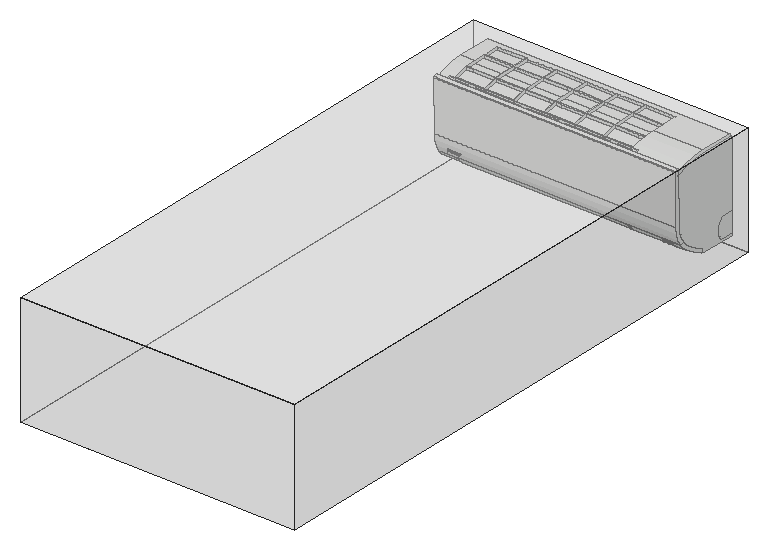
Revit family "outputfile", category 機械設備, Revit 2024
Family settings
  丸型コネクタ寸法 = 半径を使用
  パーツ タイプ = 標準
  OmniClass 番号 = 23.75.10.24.21.27.27
  OmniClass タイトル = Split System Air Conditioning Units
  作業面ベース = いいえ
  常に垂直 = はい
  ロード時にボイドで切り取り = いいえ
  注釈の向きを維持 = いいえ
  共有 = いいえ
  部屋計算ポイント = いいえ
Parameters (values of type "FTKF25AV14")
  Description = ""
  書き出し IFC クラス(タイプ) = "IfcUnitaryEquipmentType"
  定義済み IFC タイプ(タイプ) = "AIRCONDITIONINGUNIT"
  Cost = 0
  Type Comments = ""
  Keynote = ""
  Type Image = (empty or 0)
  Assembly Code = ""
  switch_frequency = yes
  lw_connection [instance] = if(Width = 730.0 mm, 85.0 mm, if(Width = 770.0 mm, 48.0 mm, 60.0 mm))  # 85.0 mm
  製造元 = "Daikin"
  モデル = "FTKF25AV14"
  r_Liquid Pipe Size = Liquid Pipe Size / 2  # 3.2 mm
  r_Gas Pipe Size = Gas Pipe Size / 2  # 4.75 mm
  r_Drain Pipe Size = Drain Pipe Size / 2  # 9.55 mm
  lw_powersupply [instance] = if(Width = 730.0 mm, if(or(Rear Right Connection_refrigerant, Bottom Right Connection_refrigerant), 65.0 mm, if(or(Rear Left Connection_refrigerant, Bottom Left Connection_refrigerant), 695.0 mm, 400.0 mm)), if(Width = 770.0 mm, if(or(Rear Right Connection_refrigerant, Bottom Right Connection_refrigerant), 68.0 mm, if(or(Rear Left Connection_refrigerant, Bottom Left Connection_refrigerant), 705.0 mm, 400.0 mm)), if(or(Rear Right Connection_refrigerant, Bottom Right Connection_refrigerant), 83.0 mm, if(or(Rear Left Connection_refrigerant, Bottom Left Connection_refrigerant), 928.0 mm, 400.0 mm))))  # 400.0 mm
  lw_liquidpipe [instance] = if(Width = 730.0 mm, if(or(Rear Right Connection_refrigerant, Bottom Right Connection_refrigerant), 0.0 mm, if(or(Rear Left Connection_refrigerant, Bottom Left Connection_refrigerant), 582.0 mm, 473.0 mm)), if(Width = 770.0 mm, if(or(Rear Right Connection_refrigerant, Bottom Right Connection_refrigerant), 0.0 mm, if(or(Rear Left Connection_refrigerant, Bottom Left Connection_refrigerant), 682.0 mm, 385.0 mm)), if(or(Rear Right Connection_refrigerant, Bottom Right Connection_refrigerant), 10.0 mm, if(or(Rear Left Connection_refrigerant, Bottom Left Connection_refrigerant), 858.0 mm, 435.0 mm))))  # 473.0 mm
  lw_gaspipe [instance] = if(Width = 730.0 mm, if(or(Rear Right Connection_refrigerant, Bottom Right Connection_refrigerant), 0.0 mm, if(or(Rear Left Connection_refrigerant, Bottom Left Connection_refrigerant), 576.0 mm, 428.0 mm)), if(Width = 770.0 mm, if(or(Rear Right Connection_refrigerant, Bottom Right Connection_refrigerant), 0.0 mm, if(or(Rear Left Connection_refrigerant, Bottom Left Connection_refrigerant), 675.0 mm, 335.0 mm)), if(or(Rear Right Connection_refrigerant, Bottom Right Connection_refrigerant), 0.0 mm, if(or(Rear Left Connection_refrigerant, Bottom Left Connection_refrigerant), 851.0 mm, 400.0 mm))))  # 428.0 mm
  lw_drainpipe [instance] = if(Width = 730.0 mm, if(or(Rear Right Connection_refrigerant, Bottom Right Connection_refrigerant), 0.0 mm, if(or(Rear Left Connection_refrigerant, Bottom Left Connection_refrigerant), 590.0 mm, 488.0 mm)), if(Width = 770.0 mm, if(or(Rear Right Connection_refrigerant, Bottom Right Connection_refrigerant), 0.0 mm, if(or(Rear Left Connection_refrigerant, Bottom Left Connection_refrigerant), 695.0 mm, 440.0 mm)), if(or(Rear Right Connection_refrigerant, Bottom Right Connection_refrigerant), 0.0 mm, if(or(Rear Left Connection_refrigerant, Bottom Left Connection_refrigerant), 888.0 mm, 475.0 mm))))  # 488.0 mm
  l_powersupply_length [instance] = if(Width = 730.0 mm, if(Right Connection_refrigerant, 400.0 mm, if(Left Connection_refrigerant, 330.0 mm, if(or(Bottom Left Connection_refrigerant, Bottom Right Connection_refrigerant), 57.0 mm, if(or(Rear Left Connection_refrigerant, Rear Right Connection_refrigerant), 15.0 mm, 50.0 mm)))), if(Width = 770.0 mm, if(Right Connection_refrigerant, 400.0 mm, if(Left Connection_refrigerant, 370.0 mm, if(or(Bottom Left Connection_refrigerant, Bottom Right Connection_refrigerant), 57.0 mm, if(or(Rear Left Connection_refrigerant, Rear Right Connection_refrigerant), 15.0 mm, 50.0 mm)))), if(Right Connection_refrigerant, 400.0 mm, if(Left Connection_refrigerant, 590.0 mm, if(or(Bottom Left Connection_refrigerant, Bottom Right Connection_refrigerant), 57.0 mm, if(or(Rear Left Connection_refrigerant, Rear Right Connection_refrigerant), 15.0 mm, 50.0 mm))))))  # 400.0 mm
  l_liquidpipe_length [instance] = if(Width = 730.0 mm, if(Right Connection_refrigerant, 558.0 mm, if(Left Connection_refrigerant, 172.0 mm, if(or(Bottom Left Connection_refrigerant, Bottom Right Connection_refrigerant), 48.0 mm, if(or(Rear Left Connection_refrigerant, Rear Right Connection_refrigerant), 30.0 mm, 40.0 mm)))), if(Width = 770.0 mm, if(Right Connection_refrigerant, 433.0 mm, if(Left Connection_refrigerant, 337.0 mm, if(or(Bottom Left Connection_refrigerant, Bottom Right Connection_refrigerant), 48.0 mm, if(or(Rear Left Connection_refrigerant, Rear Right Connection_refrigerant), 30.0 mm, 40.0 mm)))), if(Right Connection_refrigerant, 495.0 mm, if(Left Connection_refrigerant, 495.0 mm, if(or(Bottom Left Connection_refrigerant, Bottom Right Connection_refrigerant), 48.0 mm, if(or(Rear Left Connection_refrigerant, Rear Right Connection_refrigerant), 30.0 mm, 40.0 mm))))))  # 558.0 mm
  l_gaspipe_length [instance] = if(Width = 730.0 mm, if(Right Connection_refrigerant, 513.0 mm, if(Left Connection_refrigerant, 217.0 mm, if(or(Bottom Left Connection_refrigerant, Bottom Right Connection_refrigerant), 57.0 mm, if(or(Rear Left Connection_refrigerant, Rear Right Connection_refrigerant), 40.0 mm, 50.0 mm)))), if(Width = 770.0 mm, if(Right Connection_refrigerant, 383.0 mm, if(Left Connection_refrigerant, 387.0 mm, if(or(Bottom Left Connection_refrigerant, Bottom Right Connection_refrigerant), 57.0 mm, if(or(Rear Left Connection_refrigerant, Rear Right Connection_refrigerant), 40.0 mm, 50.0 mm)))), if(Right Connection_refrigerant, 460.0 mm, if(Left Connection_refrigerant, 530.0 mm, if(or(Bottom Left Connection_refrigerant, Bottom Right Connection_refrigerant), 57.0 mm, if(or(Rear Left Connection_refrigerant, Rear Right Connection_refrigerant), 40.0 mm, 50.0 mm))))))  # 513.0 mm
  l_drainpipe_length [instance] = if(Width = 730.0 mm, if(Right Connection_refrigerant, 573.0 mm, if(Left Connection_refrigerant, 157.0 mm, if(or(Bottom Left Connection_refrigerant, Bottom Right Connection_refrigerant), 35.0 mm, if(or(Rear Left Connection_refrigerant, Rear Right Connection_refrigerant), 15.0 mm, 20.0 mm)))), if(Width = 770.0 mm, if(Right Connection_refrigerant, 488.0 mm, if(Left Connection_refrigerant, 282.0 mm, if(or(Bottom Left Connection_refrigerant, Bottom Right Connection_refrigerant), 35.0 mm, if(or(Rear Left Connection_refrigerant, Rear Right Connection_refrigerant), 15.0 mm, 20.0 mm)))), if(Right Connection_refrigerant, 535.0 mm, if(Left Connection_refrigerant, 455.0 mm, if(or(Bottom Left Connection_refrigerant, Bottom Right Connection_refrigerant), 35.0 mm, if(or(Rear Left Connection_refrigerant, Rear Right Connection_refrigerant), 15.0 mm, 20.0 mm))))))  # 573.0 mm
  h*** = 0.0 mm  # constant formula
  connector_voltage = Voltage_50Hz  # 230 V
  connector_powerinput = [Power Input (Cooling)]  # 0.860 kW
  connector_phase = Phase_50Hz  # 1
  angle_vertical [instance] = if(or(Bottom Left Connection_refrigerant, Bottom Right Connection_refrigerant), 0.00°, 90.00°)  # 90.00°
  angle_horizontal [instance] = if(Right Connection_refrigerant, 90.00°, if(Left Connection_refrigerant, -90.00°, if(or(Rear Left Connection_refrigerant, Rear Right Connection_refrigerant), 180.00°, 0.00°)))  # 90.00°
  Width = 730.0 mm
  Voltage_comment_50Hz = "220 - 240"
  Voltage_50Hz = 230 V
  Version = "ver.1.0"
  Unit Type = "Wall Mounted"
  Unit Mass Weight = 8.50 kg
  Unit Designation [instance] = ""
  Uniclass2015Version = "Products v1.30"
  Uniclass2015Title = "Split coil room air conditioning units"
  Uniclass2015Code = "Pr_70_65_03_86"
  URL = ""
  Total Cooling Capacity [instance] = 0.000 kW
  Sound Pressure Level_M speed (dBA) = 33
  Sound Pressure Level_L speed (dBA) = 26
  Sound Pressure Level_H speed (dBA) = 39
  Sound Power Level_H speed (dB) = 0
  Series = "Single Split_Fan Coil Unit"
  Sensible Cooling Capacity [instance] = 0.000 kW
  Refrigerant Type = "R32"
  Power Input (Cooling) = 0.860 kW
  Phase_50Hz = 1
  Option Accessory 3 [instance] = ""
  Option Accessory 2 [instance] = ""
  Option Accessory 1 [instance] = ""
  Nominal Cooling Capacity = 2.640 kW
  Minimum Circuit Amps_50Hz = 10.0 A
  Minimum Airflow = 348.00 m³/h
  Median Airflow = 442.00 m³/h
  Maximum Fuse Amps_50Hz = 16.0 A
  Maximum Airflow = 578.00 m³/h
  Material_Casing = DAIKIN_White_Casing_indoorunit
  Load Classification = HVAC
  Liquid Pipe Size = 6.4 mm
  Link_Nested Family [instance] = ""
  IfcVersion = ""
  IfcExportType = "AIRCONDITIONINGUNIT"
  IfcExportAs = "IfcUnitaryEquipmentType"
  Height = 280.0 mm
  Heat Exchanger Type = "Cross Fin Coil"
  Gas Pipe Size = 9.5 mm
  Frequency_50Hz = 50 Hz
  Fan Type = "Cross Flow Fan"
  Fan Drive = "Direct Drive"
  FCU Tag No. [instance] = ""
  Drain Pipe Size = 19.1 mm
  Design Supply Airflow [instance] = 0.00 m³/h
  Depth = 213.0 mm
  既定の高さ = 0.0 mm
  Cooling Entering Wet Bulb Temperature [instance] = 0.00 °C
  Cooling Entering Dry Bulb Temperature [instance] = 0.00 °C
  Cooling Ambient Wet Bulb Temperature [instance] = 0.00 °C
  Cooling Ambient Dry Bulb Temperature [instance] = 0.00 °C
  Clearance visibility [instance] = yes
  Clearance Top = 30.0 mm
  Clearance Right = 50.0 mm
  Clearance Rear = 0.0 mm
  Clearance Left = 50.0 mm
  Clearance Front = 1500.0 mm
  Clearance Bottom = 30.0 mm
  Bottom Right Connection_refrigerant [instance] = no
  Bottom Left Connection_refrigerant [instance] = no
  Rear Right Connection_refrigerant [instance] = no
  Rear Left Connection_refrigerant [instance] = no
  Right Connection_refrigerant [instance] = yes
  Left Connection_refrigerant [instance] = no
Reference planes
  plane 1 "Back": y = 0
  plane 2: z = 0
  plane 3 "Center (Left/Right)": x = 0
  plane 4 "Center (Front/Back)": y = -106.5
  plane 5 "Front": y = -213
  plane 6 "Left": x = -365
  plane 7 "Right": x = 365
  plane 8 "Top": z = 0
  plane 9 "Bottom": z = -280
  plane 10 "Front panel_Left": x = -363
  plane 11 "Front panel_Right": x = 363
  plane 12: x = 229
  plane 13: x = 224
  plane 14: x = -415
  plane 15: x = 415
  plane 16: y = 0
  plane 17: y = -213
  plane 18: z = 30
  plane 19: z = -310
  plane 20 "lw_Piping and Wiring intake": x = 280
  plane 21 "lw_gaspipe": x = -148
  plane 22 "lw_liquidpipe": x = -193
  plane 23 "lw_drainpipe": x = -208
  plane 24 "lh_drainpipe": z = -245
  plane 25 "lh_liquidpipe": z = -232
  plane 26 "lh_gaspipe": z = -223
  plane 27 "ld_drainpipe": y = -15
  plane 28 "ld_liquidpipe": y = -30
  plane 29 "ld_gaspipe": y = -40
  plane 30 "lw_powersupply": x = -35
  plane 31: y = -1713
Dimensions and locks
  equal spacing: plane 6 "Left", plane 3 "Center (Left/Right)", plane 7 "Right"
  "Width": plane 6 "Left" to plane 7 "Right"
  equal spacing: plane 5 "Front", plane 4 "Center (Front/Back)", plane 1 "Back"
  "Depth": plane 5 "Front" to plane 1 "Back"
  "Height": plane 8 "Top" to plane 9 "Bottom"
  locked: plane 10 "Front panel_Left" to plane 6 "Left" at 2
  locked: plane 7 "Right" to plane 11 "Front panel_Right" at 2
  locked: plane 7 "Right" to plane 12 at 136
  locked: plane 12 to plane 13 at 5
  "Clearance Rear": plane 16 to plane 1 "Back"
  "Clearance Top": plane 18 to plane 8 "Top"
  "Clearance Bottom": plane 9 "Bottom" to plane 19
  "lw_connection": plane 20 "lw_Piping and Wiring intake" to plane 7 "Right"
  "lw_gaspipe": plane 21 "lw_gaspipe" to plane 20 "lw_Piping and Wiring intake"
  "lw_liquidpipe": plane 22 "lw_liquidpipe" to plane 20 "lw_Piping and Wiring intake"
  "lw_drainpipe": plane 23 "lw_drainpipe" to plane 20 "lw_Piping and Wiring intake"
  locked: plane 24 "lh_drainpipe" to plane 9 "Bottom" at 35
  locked: plane 25 "lh_liquidpipe" to plane 9 "Bottom" at 48
  locked: plane 26 "lh_gaspipe" to plane 9 "Bottom" at 57
  locked: plane 27 "ld_drainpipe" to plane 1 "Back" at 15
  locked: plane 1 "Back" to plane 28 "ld_liquidpipe" at 30
  locked: plane 1 "Back" to plane 29 "ld_gaspipe" at 40
  "lw_powersupply": plane 30 "lw_powersupply" to plane 7 "Right"
  "Clearance Left": plane 14 to plane 6 "Left"
  "Clearance Right": plane 7 "Right" to plane 15
  "Clearance Front": plane 5 "Front" to plane 31
  aligned and locked: level to plane 2
  aligned and locked: plane 16 to nested 1
  aligned and locked: nested 1 to plane 14
  aligned and locked: nested 1 to plane 15
  aligned and locked: plane 19 to nested 1
  aligned and locked: plane 18 to nested 1
  aligned and locked: plane 21 "lw_gaspipe" to nested 2
  aligned and locked: nested 2 to plane 29 "ld_gaspipe"
  aligned and locked: plane 22 "lw_liquidpipe" to nested 3
  aligned and locked: nested 3 to plane 28 "ld_liquidpipe"
  aligned and locked: plane 23 "lw_drainpipe" to nested 4
  aligned and locked: nested 4 to plane 27 "ld_drainpipe"
  aligned and locked: nested 5 to plane 27 "ld_drainpipe"
  aligned and locked: plane 30 "lw_powersupply" to nested 5
  aligned and locked: level to plane 8 "Top"
  aligned and locked: nested 1 to plane 31
Nested families
  nested 1: "daikin_clearancespace" at (0, -856.5, -139.881), show <- "Clearance visibility", visible <- "Clearance visibility", Link_Nested Family <- "Link_Nested Family", type "daikin_clearancespace"
    with width 830.0 mm, show yes, height 340.0 mm, depth 1713.0 mm, Link_Nested Family ""
  nested 2: "daikin_connector_rotate3" at (-148, -40, -223), angle_vertical <- "angle_vertical", angle_horizontal <- "angle_horizontal", length <- "l_gaspipe_length", radius <- "r_Gas Pipe Size", type "daikin_connector_rotate3"
    with show no, radius 4.75 mm, length 513.0 mm, angle_vertical 90.00°, angle_horizontal 90.00°
  nested 3: "daikin_connector_rotate3" at (-193, -30, -232), angle_vertical <- "angle_vertical", angle_horizontal <- "angle_horizontal", radius <- "r_Liquid Pipe Size", length <- "l_liquidpipe_length", type "daikin_connector_rotate3"
    with show no, radius 3.2 mm, length 558.0 mm, angle_vertical 90.00°, angle_horizontal 90.00°
  nested 4: "daikin_connector_rotate3" at (-208, -15, -245), angle_vertical <- "angle_vertical", angle_horizontal <- "angle_horizontal", length <- "l_drainpipe_length", radius <- "r_Drain Pipe Size", type "daikin_connector_rotate3"
    with show no, radius 9.55 mm, length 573.0 mm, angle_vertical 90.00°, angle_horizontal 90.00°
  nested 5: "daikin_connector_rotate3" at (-35, -15, -223), angle_vertical <- "angle_vertical", angle_horizontal <- "angle_horizontal", length <- "l_powersupply_length", type "daikin_connector_rotate3"
    with show no, radius 10.0 mm, length 400.0 mm, angle_vertical 90.00°, angle_horizontal 90.00°
  nested 6: "DAIKIN_indoorunit_FTKF-AV14" at (-31, 0, 0), type "FTKF-AV14"
Connectors
  piping at (365, -40, -223), diameter 9.5, driven by "r_Gas Pipe Size"
    settings: on nested 2, index 1, connector inside diameter 609.6 mm, connector length 0.0 mm, flow factor 0, pipe flow 0.00 m³/h, pressure drop 0.0 Pa, fitting loss kfactor 0, connector angle 0.00°, fixture units 0, engagement length 0.0 mm, angle of deflection 0.00°, flow configuration 1, flow direction 2, fitting loss method 0, system type 29, joint type 0, gender type 0, connector reference index -1, connector utility 0, adjustable connector no, is connector primary yes, connector description "Refrigerant Gas Piping"
  piping at (365, -30, -232), diameter 6.4, driven by "r_Liquid Pipe Size"
    settings: on nested 3, index 2, connector inside diameter 609.6 mm, connector length 0.0 mm, flow factor 0, pipe flow 0.00 m³/h, pressure drop 0.0 Pa, fitting loss kfactor 0, connector angle 0.00°, fixture units 0, engagement length 0.0 mm, angle of deflection 0.00°, flow configuration 1, flow direction 1, fitting loss method 0, system type 29, joint type 0, gender type 0, connector reference index -1, connector utility 0, adjustable connector no, is connector primary no, connector description "Refrigerant Liquid Piping"
  piping at (365, -15, -245), diameter 19.1, driven by "r_Drain Pipe Size"
    settings: on nested 4, index 3, connector inside diameter 609.6 mm, connector length 0.0 mm, flow factor 0, pipe flow 0.00 m³/h, pressure drop 0.0 Pa, fitting loss kfactor 0, connector angle 0.00°, fixture units 0, engagement length 0.0 mm, angle of deflection 0.00°, flow configuration 1, flow direction 2, fitting loss method 4, system type 16, joint type 0, gender type 0, connector reference index -1, connector utility 0, adjustable connector no, is connector primary no, connector description "Condensate Drain Piping"
  electrical at (365, -15, -223), driven by "Load Classification", driven by "connector_powerinput", driven by "connector_phase", driven by "connector_voltage"
    settings: on nested 5, index 4, voltage 230 V, apparent load 860 VA, apparent load phase1 0 VA, apparent load phase2 0 VA, apparent load phase3 0 VA, power factor 1, load classification "HVAC", number of poles 1, system type 30, power factor state 1, is connector primary yes, connector utility no, sub classification motor no, connector description "Power Supply"
Definition of nested family "daikin_clearancespace"
  Parameters (values of type "daikin_clearancespace")
    Description = "daikin_clearancespace"
    width [instance] = 1823.963 mm
    show [instance] = yes
    material = none
    height [instance] = 1359.762 mm
    depth [instance] = 880.0 mm
    Default Elevation = 0.0 mm
    Link_Nested Family [instance] = ""
  Reference planes
    plane 1 "Center (Front/Back)": y = 0
    plane 2 "Center (Elevation)": z = -0.119
    plane 3 "Center (Left/Right)": x = 0
    plane 4: y = 440
    plane 5: y = -440
    plane 6 "Right": x = 911.982
    plane 7 "Left": x = -911.982
    plane 8 "Top": z = 679.762
    plane 9 "Bottom": z = -680
  Forms (mm)
    Extrusion 1, solid, material <- "material", visible <- "show"
      sketch origin (0, 0, 0) x (1, 0, 0) y (0, 1, 0)
        loop
          line (-911.982, 440) -> (-911.982, -440) -> (911.982, -440) -> (911.982, 440) -> (-911.982, 440)
      from -680 to 679.762
  Lines and regions (mm)
    symbolic lines, visible <- "show"
      curve 1: line (911.982, 440, 0) -> (-911.982, 440, 0)
      curve 2: line (-911.982, 440, 0) -> (-911.982, -440, 0)
      curve 3: line (-911.982, -440, 0) -> (911.982, -440, 0)
      curve 4: line (911.982, -440, 0) -> (911.982, 440, 0)
      curve 5: line (911.982, 0, 679.762) -> (-911.982, 0, 679.762)
      curve 6: line (911.982, 0, -680) -> (911.982, 0, 679.762)
      curve 7: line (-911.982, 0, -680) -> (911.982, 0, -680)
      curve 8: line (-911.982, 0, 679.762) -> (-911.982, 0, -680)
      curve 9: line (0, 440, 679.762) -> (0, -440, 679.762)
      curve 10: line (0, -440, 679.762) -> (0, -440, -680)
      curve 11: line (0, 440, -680) -> (0, 440, 679.762)
      curve 12: line (0, -440, -680) -> (0, 440, -680)
  Dimensions and locks
    "width": plane 7 "Left" to plane 6 "Right"
    "depth": plane 4 to plane 5
    "height": plane 8 "Top" to plane 9 "Bottom"
    equal spacing: plane 7 "Left", plane 3 "Center (Left/Right)", plane 6 "Right"
    equal spacing: plane 4, plane 1 "Center (Front/Back)", plane 5
    equal spacing: plane 8 "Top", plane 2 "Center (Elevation)", plane 9 "Bottom"
    aligned and locked: level to plane 2 "Center (Elevation)"
    aligned and locked: Extrusion 1 sketch curve to plane 4
    aligned and locked: plane 7 "Left" to Extrusion 1 sketch curve
    aligned and locked: Extrusion 1 sketch curve to plane 5
    aligned and locked: Extrusion 1 sketch curve to plane 6 "Right"
    aligned and locked: plane 8 "Top" to Extrusion 1
    aligned and locked: curve 1 to Extrusion 1
    aligned and locked: curve 2 to Extrusion 1
    aligned and locked: curve 3 to Extrusion 1
    aligned and locked: curve 4 to Extrusion 1
    aligned and locked: curve 5 to Extrusion 1
    aligned and locked: curve 6 to Extrusion 1
    aligned and locked: curve 7 to Extrusion 1
    aligned and locked: curve 8 to Extrusion 1
    aligned and locked: curve 9 to Extrusion 1
    aligned and locked: curve 10 to Extrusion 1
    aligned and locked: curve 11 to Extrusion 1
    aligned and locked: curve 12 to Extrusion 1
    aligned and locked: Extrusion 1 to plane 9 "Bottom"
Definition of nested family "DAIKIN_indoorunit_FTKF-AV14"
  Parameters (values of type "FTKF-AV14")
    switch_unit1_60 = Width = 990.0 mm  # no
    switch_unit1_35-50 = Width = 770.0 mm  # no
    switch_unit1_25 = Width = 730.0 mm  # yes
    Width = 730.0 mm
    WALL HOLE-R = if(Width = 730.0 mm, 79.0 mm, 48.0 mm)  # 79.0 mm
    Material_Casing = none
    Height = if(Width = 730.0 mm, 280.0 mm, if(Width = 770.0 mm, 288.0 mm, 297.0 mm))  # 280.0 mm
    Default Elevation = 0.0 mm
  Reference planes
    plane 1 "Center (Front/Back)": y = 0
    plane 2 "reference_level": z = 0
    plane 3 "Center (Left/Right)": x = 31
    plane 4: x = -334
    plane 5: x = 396
    plane 6: z = -280
  Forms (mm)
    Extrusion 1, solid, material <- "Material_Casing", visible <- "switch_unit1_25"
      sketch origin (31, 0, 0) x (0, 1, 0) y (0, 0, 1)
        loop
          line (-109.519, -8) -> (-2.596, -8) -> (-8.198, 0) -> (-109.608, 0)
          arc (-109.608, 0) -> (-157.226, -5.2) -> (-202.599, -20.555) r 220.623
          line (-202.599, -20.555) -> (-202.447, -29.25)
          arc (-202.447, -29.25) -> (-157.182, -13.38) -> (-109.519, -8) r 213.82
      from -365 to 365
    Extrusion 2, solid, material <- "Material_Casing", visible <- "switch_unit1_25"
      sketch origin (416, 1304.033, 1200.206) x (0, 1, 0) y (0, 0, 1)
        loop
          arc (-1496.513, -1423.164) -> (-1487.225, -1434.204) -> (-1476.373, -1443.711) r 95
          arc (-1476.373, -1443.711) -> (-1448.371, -1461.92) -> (-1418.191, -1476.232) r 250
          line (-1418.191, -1476.232) -> (-1418.191, -1465.318)
          arc (-1418.191, -1465.318) -> (-1445.052, -1452.134) -> (-1470.063, -1435.711) r 240
          arc (-1470.063, -1435.711) -> (-1477.766, -1429.186) -> (-1484.641, -1421.794) r 85
          line (-1484.641, -1421.794) -> (-1496.513, -1423.164)
      from -20 to -177
    Extrusion 3, solid, material <- "Material_Casing", visible <- "switch_unit1_25"
      sketch origin (31, 0, 0) x (0, 1, 0) y (0, 0, 1)
        loop
          line (-202.769, -10.816) -> (-211.618, -13.692)
          arc (-211.618, -13.692) -> (-212.628, -14.432) -> (-213, -15.629) r 2
          line (-213, -15.629) -> (-210.348, -167.5)
          arc (-210.348, -167.5) -> (-206.029, -195.818) -> (-193.465, -221.562) r 95
          line (-193.465, -221.562) -> (-181.653, -220.199)
          arc (-181.653, -220.199) -> (-195.31, -195.356) -> (-200.037, -167.403) r 85
          line (-200.037, -167.403) -> (-202.769, -10.816)
      from -365 to 365
    Extrusion 4, solid, material <- "Material_Casing", visible <- "switch_unit1_25"
      sketch origin (31, 0, 0) x (0, 1, 0) y (0, 0, 1)
        loop
          line (0, -280) -> (0, -11.707) -> (-2.596, -8) -> (-109.519, -8)
          arc (-109.519, -8) -> (-156.378, -13.198) -> (-200.959, -28.539) r 213.82
          line (-200.959, -28.539) -> (-198.537, -167.295)
          arc (-198.537, -167.295) -> (-189.766, -204.754) -> (-165.131, -234.305) r 83.5
          arc (-165.131, -234.305) -> (-139.841, -250.873) -> (-112.659, -264.109) r 238.5
          line (-112.659, -264.109) -> (-112.659, -276.338)
          arc (-112.659, -276.338) -> (-100.834, -279.079) -> (-88.731, -280) r 80
          line (-88.731, -280) -> (0, -280)
      from -365 to 365
    Extrusion 5, solid, material <- "Material_Casing", visible <- "switch_unit1_25"
      sketch origin (-354, 1304.033, 1200.206) x (0, 1, 0) y (0, 0, 1)
        loop
          arc (-1496.513, -1423.164) -> (-1487.225, -1434.204) -> (-1476.373, -1443.711) r 95
          arc (-1476.373, -1443.711) -> (-1448.371, -1461.92) -> (-1418.191, -1476.232) r 250
          line (-1418.191, -1476.232) -> (-1418.191, -1465.318)
          arc (-1418.191, -1465.318) -> (-1445.052, -1452.134) -> (-1470.063, -1435.711) r 240
          arc (-1470.063, -1435.711) -> (-1477.766, -1429.186) -> (-1484.641, -1421.794) r 85
          line (-1484.641, -1421.794) -> (-1496.513, -1423.164)
      from 72 to 20
    Extrusion 6, solid, material <- "Material_Casing", visible <- "switch_unit1_25"
      sketch origin (31, 7.782, 0.206) x (0, 1, 0) y (0, 0, 1)
        loop
          line (-188.39, -221.794) -> (-200.262, -223.164)
          arc (-200.262, -223.164) -> (-190.975, -234.204) -> (-180.122, -243.711) r 95
          arc (-180.122, -243.711) -> (-152.12, -261.92) -> (-121.941, -276.232) r 250
          line (-121.941, -276.232) -> (-121.941, -265.318)
          arc (-121.941, -265.318) -> (-148.801, -252.134) -> (-173.813, -235.711) r 240
          arc (-173.813, -235.711) -> (-181.515, -229.186) -> (-188.39, -221.794) r 85
      from 204 to -309
    Extrusion 7, void
      sketch origin (31, 0, -235) x (1, 0, 0) y (0, 1, 0)
        loop
          line (-324.633, -72.419) -> (-304, -73.5) -> (-234.9, -73.5) -> (-234.9, -24.5) -> (-324.633, -24.5) -> (-324.633, -72.419)
        loop
          line (-304, -74.9) -> (-324.633, -75.939) -> (-324.633, -139.819) -> (-304, -140.9) -> (-234.9, -140.9) -> (-234.9, -74.9) -> (-304, -74.9)
        loop
          line (-304, -142.3) -> (-324.633, -143.326) -> (-324.633, -182.209) -> (-300, -183.5) -> (-234.9, -183.5) -> (-234.9, -142.3) -> (-304, -142.3)
        loop
          line (-233.5, -142.3) -> (-233.5, -183.5) -> (-146.9, -183.5) -> (-146.9, -142.3) -> (-233.5, -142.3)
        loop
          line (-233.5, -140.9) -> (-146.9, -140.9) -> (-146.9, -74.9) -> (-233.5, -74.9) -> (-233.5, -140.9)
        loop
          line (-233.5, -73.5) -> (-146.9, -73.5) -> (-146.9, -24.5) -> (-233.5, -24.5) -> (-233.5, -73.5)
        loop
          line (-145.5, -73.5) -> (-74.9, -73.5) -> (-54.9, -72.452) -> (-54.9, -24.5) -> (-145.5, -24.5) -> (-145.5, -73.5)
        loop
          line (-145.5, -74.9) -> (-145.5, -140.9) -> (-74.9, -140.9) -> (-54.9, -139.852) -> (-54.9, -75.948) -> (-74.9, -74.9) -> (-145.5, -74.9)
        loop
          line (-145.5, -142.3) -> (-145.5, -183.5) -> (-74.9, -183.5) -> (-54.9, -182.452) -> (-54.9, -143.348) -> (-74.9, -142.3) -> (-145.5, -142.3)
        loop
          line (-53.5, -24.5) -> (-53.5, -72.452) -> (-33.5, -73.5) -> (36.5, -73.5) -> (36.5, -24.5) -> (-53.5, -24.5)
        loop
          line (-53.5, -75.948) -> (-53.5, -139.852) -> (-33.5, -140.9) -> (36.5, -140.9) -> (36.5, -74.9) -> (-33.5, -74.9) -> (-53.5, -75.948)
        loop
          line (-33.5, -142.3) -> (-53.5, -143.348) -> (-53.5, -182.452) -> (-33.5, -183.5) -> (36.5, -183.5) -> (36.5, -142.3) -> (-33.5, -142.3)
        loop
          line (37.9, -24.5) -> (37.9, -73.5) -> (124.9, -73.5) -> (124.9, -24.5) -> (37.9, -24.5)
        loop
          line (37.9, -74.9) -> (37.9, -140.9) -> (124.9, -140.9) -> (124.9, -74.9) -> (37.9, -74.9)
        loop
          line (37.9, -142.3) -> (37.9, -183.5) -> (124.9, -183.5) -> (124.9, -142.3) -> (37.9, -142.3)
        loop
          line (126.3, -24.5) -> (126.3, -73.5) -> (195.6, -73.5) -> (216, -72.431) -> (216, -24.5) -> (126.3, -24.5)
        loop
          line (126.3, -74.9) -> (126.3, -140.9) -> (198.5, -140.9) -> (216, -139.983) -> (216, -75.817) -> (198.5, -74.9) -> (126.3, -74.9)
        loop
          line (126.3, -142.3) -> (126.3, -183.5) -> (198.337, -183.5) -> (216, -182.623) -> (216, -143.217) -> (198.5, -142.3) -> (126.3, -142.3)
      from 201.638 to 250
    Extrusion 8, solid, material <- "Material_Casing"
      sketch origin (31, 0, 0) x (1, 0, 0) y (0, 0, 1)
        loop
          circle (286, -235) r 40
        loop
          circle (-317, -235) r 40
      from 0 to 5
    Extrusion 9, solid, material <- "Material_Casing", visible <- "switch_unit1_25"
      sketch origin (396, 1296.25, 1200) x (0, -1, 0) y (0, 0, 1)
        loop
          line (1326.25, -1413) -> (1296.25, -1413) -> (1296.25, -1473) -> (1326.25, -1473)
          arc (1326.25, -1473) -> (1340.393, -1467.142) -> (1346.25, -1453) r 20
          line (1346.25, -1453) -> (1346.25, -1433)
          arc (1346.25, -1433) -> (1340.393, -1418.858) -> (1326.25, -1413) r 20
      from 0 to 5
    Extrusion 10, solid, material <- "Material_Casing", visible <- "switch_unit1_25"
      sketch origin (-334, 1296.25, 1200) x (0, 1, 0) y (0, 0, 1)
        loop
          line (-1296.25, -1413) -> (-1326.25, -1413)
          arc (-1326.25, -1413) -> (-1340.393, -1418.858) -> (-1346.25, -1433) r 20
          line (-1346.25, -1433) -> (-1346.25, -1453)
          arc (-1346.25, -1453) -> (-1340.393, -1467.142) -> (-1326.25, -1473) r 20
          line (-1326.25, -1473) -> (-1296.25, -1473) -> (-1296.25, -1413)
      from 0 to 5
    Extrusion 11, solid, material <- "Material_Casing", visible <- "switch_unit1_25"
      sketch origin (11, 0, -285) x (-1, 0, 0) y (0, -1, 0)
        loop
          line (-279, 0) -> (-279, 30)
          arc (-279, 30) -> (-284.419, 43.081) -> (-297.5, 48.5) r 18.5
          line (-297.5, 48.5) -> (-320.5, 48.5)
          arc (-320.5, 48.5) -> (-333.581, 43.081) -> (-339, 30) r 18.5
          line (-339, 30) -> (-339, 0) -> (-279, 0)
        loop
          line (326, 0) -> (326, 30)
          arc (326, 30) -> (320.581, 43.081) -> (307.5, 48.5) r 18.5
          line (307.5, 48.5) -> (284.5, 48.5)
          arc (284.5, 48.5) -> (271.419, 43.081) -> (266, 30) r 18.5
          line (266, 30) -> (266, 0) -> (326, 0)
      from 10 to 5
    Extrusion 12, solid, material <- "Material_Casing", visible <- "switch_unit1_35-50"
      sketch origin (31, 0, 0) x (0, 1, 0) y (0, 0, 1)
        loop
          line (-5, 0) -> (-45.84, 0)
          arc (-45.84, 0) -> (-135.906, -3.965) -> (-225.275, -15.831) r 1024.823
          arc (-225.275, -15.831) -> (-224.639, -21.302) -> (-223.878, -26.758) r 241.564
          arc (-223.878, -26.758) -> (-135.207, -14.947) -> (-45.84, -11) r 1013.66
          line (-45.84, -11) -> (0, -11) -> (0, -9.02) -> (-5, 0)
      from -385 to 385
    Extrusion 13, solid, material <- "Material_Casing", visible <- "switch_unit1_35-50"
      sketch origin (31, 0, 0) x (0, 1, 0) y (0, 0, 1)
        loop
          arc (-226.673, -12.416) -> (-229.519, -12.929) -> (-232.363, -13.449) r 1025.776
          arc (-232.363, -13.449) -> (-233.586, -14.198) -> (-233.994, -15.573) r 2
          line (-233.994, -15.573) -> (-218.08, -217.408)
          arc (-218.08, -217.408) -> (-211.296, -237.286) -> (-195.807, -251.472) r 42.415
          line (-195.807, -251.472) -> (-186.556, -243.946)
          arc (-186.556, -243.946) -> (-193.981, -235.221) -> (-197.648, -224.366) r 30.386
          line (-197.648, -224.366) -> (-226.673, -12.416)
      from -385 to 385
    Extrusion 14, void
      sketch origin (33, 0, 0) x (1, 0, 0) y (0, 1, 0)
        loop
          line (-357.499, -23.5) -> (-357.499, -96.7) -> (-255.999, -96.7) -> (-255.999, -23.5) -> (-357.499, -23.5)
        loop
          line (-255.999, -99.1) -> (-357.499, -99.1) -> (-357.499, -170.1) -> (-255.999, -170.1) -> (-255.999, -99.1)
        loop
          line (-255.999, -171.7) -> (-357.499, -171.7) -> (-357.499, -201.7) -> (-255.999, -201.7) -> (-255.999, -171.7)
        loop
          line (-253.399, -23.5) -> (-253.399, -96.7) -> (-153.899, -96.7) -> (-153.899, -23.5) -> (-253.399, -23.5)
        loop
          line (-253.399, -99.1) -> (-253.399, -170.1) -> (-153.899, -170.1) -> (-153.899, -99.1) -> (-253.399, -99.1)
        loop
          line (-153.899, -171.7) -> (-253.399, -171.7) -> (-253.399, -201.7) -> (-153.899, -201.7) -> (-153.899, -171.7)
        loop
          line (-56.549, -23.5) -> (-151.299, -23.5) -> (-151.299, -96.7) -> (-56.549, -96.7) -> (-56.549, -23.5)
        loop
          line (-151.299, -99.1) -> (-151.299, -170.1) -> (-56.549, -170.1) -> (-56.549, -99.1) -> (-151.299, -99.1)
        loop
          line (-56.549, -171.7) -> (-151.299, -171.7) -> (-151.299, -201.7) -> (-56.549, -201.7) -> (-56.549, -171.7)
        loop
          line (50.301, -23.5) -> (-44.549, -23.5) -> (-44.549, -96.7) -> (50.301, -96.7) -> (50.301, -23.5)
        loop
          line (-44.549, -99.1) -> (-44.549, -170.1) -> (50.301, -170.1) -> (50.301, -99.1) -> (-44.549, -99.1)
        loop
          line (50.301, -171.7) -> (-44.549, -171.7) -> (-44.549, -201.7) -> (50.301, -201.7) -> (50.301, -171.7)
        loop
          line (52.901, -23.5) -> (52.901, -96.7) -> (152.401, -96.7) -> (152.401, -23.5) -> (52.901, -23.5)
        loop
          line (52.901, -99.1) -> (52.901, -170.1) -> (152.401, -170.1) -> (152.401, -99.1) -> (52.901, -99.1)
        loop
          line (52.901, -171.7) -> (52.901, -201.7) -> (152.401, -201.7) -> (152.401, -171.7) -> (52.901, -171.7)
        loop
          line (155.001, -23.5) -> (155.001, -96.7) -> (256.501, -96.7) -> (256.501, -23.5) -> (155.001, -23.5)
        loop
          line (155.001, -99.1) -> (155.001, -170.1) -> (217.501, -170.1) -> (229.501, -170.1) -> (241.501, -170.1) -> (256.501, -170.1) -> (256.501, -152.1) -> (256.501, -134.1) -> (256.501, -116.1) -> (256.501, -99.1) -> (241.501, -99.1) -> (229.501, -99.1) -> (217.501, -99.1) -> (155.001, -99.1)
        loop
          line (155.001, -171.7) -> (155.001, -201.7) -> (217.501, -201.7) -> (229.501, -201.7) -> (241.501, -201.7) -> (256.501, -201.7) -> (256.501, -171.7) -> (241.501, -171.7) -> (229.501, -171.7) -> (217.501, -171.7) -> (155.001, -171.7)
      from -40.013 to 47.268
    Extrusion 15, solid, material <- "Material_Casing", visible <- "switch_unit1_35-50"
      sketch origin (-356, 1308.25, 1200) x (0, 1, 0) y (0, 0, -1)
        loop
          line (-1407.524, 1473.254) -> (-1407.524, 1484.154)
          arc (-1407.524, 1484.154) -> (-1456.679, 1472.122) -> (-1503.106, 1451.987) r 299.52
          line (-1503.106, 1451.987) -> (-1494.032, 1444.604)
          arc (-1494.032, 1444.604) -> (-1451.915, 1462.363) -> (-1407.524, 1473.254) r 288.723
      from -2 to -49.5
    Extrusion 16, solid, material <- "Material_Casing", visible <- "switch_unit1_35-50"
      sketch origin (418, 1308.25, 1200) x (0, 1, 0) y (0, 0, 1)
        loop
          arc (-1407.524, -1473.254) -> (-1451.915, -1462.363) -> (-1494.032, -1444.604) r 288.723
          line (-1494.032, -1444.604) -> (-1503.106, -1451.987)
          arc (-1503.106, -1451.987) -> (-1456.679, -1472.122) -> (-1407.524, -1484.154) r 299.52
          line (-1407.524, -1484.154) -> (-1407.524, -1473.254)
      from -2 to -119.5
    Extrusion 17, solid, material <- "Material_Casing", visible <- "switch_unit1_35-50"
      sketch origin (418, 1308.25, 1200) x (0, 1, 0) y (0, 0, 1)
        loop
          line (-1407.524, -1484.154) -> (-1407.524, -1473.254)
          arc (-1407.524, -1473.254) -> (-1451.915, -1462.363) -> (-1494.032, -1444.604) r 288.723
          line (-1494.032, -1444.604) -> (-1503.106, -1451.987)
          arc (-1503.106, -1451.987) -> (-1456.679, -1472.122) -> (-1407.524, -1484.154) r 299.52
      from -119.5 to -724.5
    Extrusion 18, solid, material <- "Material_Casing", visible <- "switch_unit1_35-50"
      sketch origin (31, 0, -30) x (0, 1, 0) y (0, 0, 1)
        loop
          arc (-45.84, 19) -> (-135.218, 15.052) -> (-223.901, 3.238) r 1013.66
          line (-223.901, 3.238) -> (-196.855, -194.257)
          arc (-196.855, -194.257) -> (-192.985, -205.344) -> (-185.107, -214.052) r 29.589
          arc (-185.107, -214.052) -> (-142.926, -231.76) -> (-98.473, -242.568) r 288.081
          line (-98.473, -242.568) -> (-98.525, -254.271)
          arc (-98.525, -254.271) -> (-75.337, -257.066) -> (-52, -258) r 292.099
          line (-52, -258) -> (0, -258) -> (0, 19) -> (-45.84, 19)
      from -385 to 385
    Extrusion 19, solid, material <- "Material_Casing", visible <- "switch_unit1_35-50"
      sketch origin (416, 1296.25, 1200) x (0, -1, 0) y (0, 0, 1)
        loop
          line (1329.05, -1409.6) -> (1296.25, -1409.6) -> (1296.25, -1469.6) -> (1329.05, -1469.6)
          arc (1329.05, -1469.6) -> (1342.627, -1463.976) -> (1348.25, -1450.4) r 19.2
          line (1348.25, -1450.4) -> (1348.25, -1428.8)
          arc (1348.25, -1428.8) -> (1342.627, -1415.224) -> (1329.05, -1409.6) r 19.2
      from 0 to 5
    Extrusion 20, solid, material <- "Material_Casing", visible <- "switch_unit1_35-50"
      sketch origin (-349, 1296.25, 1200) x (0, -1, 0) y (0, 0, 1)
        loop
          line (1329.05, -1409.6) -> (1296.25, -1409.6) -> (1296.25, -1469.6) -> (1329.05, -1469.6)
          arc (1329.05, -1469.6) -> (1342.627, -1463.976) -> (1348.25, -1450.4) r 19.2
          line (1348.25, -1450.4) -> (1348.25, -1428.8)
          arc (1348.25, -1428.8) -> (1342.627, -1415.224) -> (1329.05, -1409.6) r 19.2
      from 0 to 5
    Extrusion 21, solid, material <- "Material_Casing", visible <- "switch_unit1_35-50"
      sketch origin (31, 200, -288) x (-1, 0, 0) y (0, -1, 0)
        loop
          line (369, 200) -> (369, 232)
          arc (369, 232) -> (363.142, 246.142) -> (349, 252) r 20
          line (349, 252) -> (329, 252)
          arc (329, 252) -> (314.858, 246.142) -> (309, 232) r 20
          line (309, 232) -> (309, 200) -> (369, 200)
        loop
          line (-369, 200) -> (-309, 200) -> (-309, 232)
          arc (-309, 232) -> (-314.858, 246.142) -> (-329, 252) r 20
          line (-329, 252) -> (-349, 252)
          arc (-349, 252) -> (-363.142, 246.142) -> (-369, 232) r 20
          line (-369, 232) -> (-369, 200)
      from 0 to 5
    Extrusion 22, void
      sketch origin (0, 0, 0) x (1, 0, 0) y (0, 1, 0)
        loop
          line (-308, -185.757) -> (-308, -202.769) -> (262, -202.769) -> (262, -185.757) -> (-308, -185.757)
      from -35 to 0
    Extrusion 23, solid, material <- "Material_Casing", visible <- "switch_unit1_25"
      sketch origin (0, 0, 0) x (1, 0, 0) y (0, 1, 0)
        loop
          line (-308, -185.757) -> (-308, -202.757) -> (-293, -202.757) -> (-293, -185.757) -> (-308, -185.757)
        loop
          line (262, -185.757) -> (247, -185.757) -> (247, -202.757) -> (262, -202.757) -> (262, -185.757)
      from -35 to 0
    Extrusion 24, solid, material <- "Material_Casing", visible <- "switch_unit1_25"
      sketch origin (0, 0, 0) x (1, 0, 0) y (0, 1, 0)
        loop
          line (-293, -190.757) -> (-293, -202.757) -> (247, -202.757) -> (247, -190.757) -> (203.171, -190.757) -> (203.171, -194.257)
          arc (203.171, -194.257) -> (202.732, -195.318) -> (201.671, -195.757) r 1.5
          line (201.671, -195.757) -> (180.129, -195.757)
          arc (180.129, -195.757) -> (179.068, -195.318) -> (178.629, -194.257) r 1.5
          line (178.629, -194.257) -> (178.629, -190.757) -> (46.421, -190.757) -> (46.421, -194.257)
          arc (46.421, -194.257) -> (45.982, -195.318) -> (44.921, -195.757) r 1.5
          line (44.921, -195.757) -> (23.379, -195.757)
          arc (23.379, -195.757) -> (22.318, -195.318) -> (21.879, -194.257) r 1.5
          line (21.879, -194.257) -> (21.879, -190.757) -> (-68.079, -190.757) -> (-68.079, -194.257)
          arc (-68.079, -194.257) -> (-68.518, -195.318) -> (-69.579, -195.757) r 1.5
          line (-69.579, -195.757) -> (-91.121, -195.757)
          arc (-91.121, -195.757) -> (-92.182, -195.318) -> (-92.621, -194.257) r 1.5
          line (-92.621, -194.257) -> (-92.621, -190.757) -> (-224.829, -190.757) -> (-224.829, -194.257)
          arc (-224.829, -194.257) -> (-225.268, -195.318) -> (-226.329, -195.757) r 1.5
          line (-226.329, -195.757) -> (-247.871, -195.757)
          arc (-247.871, -195.757) -> (-248.932, -195.318) -> (-249.371, -194.257) r 1.5
          line (-249.371, -194.257) -> (-249.371, -190.757) -> (-293, -190.757)
      from -35 to 0
    Extrusion 25, void
      sketch origin (31, 0, 0) x (0, 1, 0) y (0, 0, 1)
        loop
          line (-185.757, -13.903) -> (-185.757, 0) -> (-205.202, 0) -> (-205.202, -21.715)
          arc (-205.202, -21.715) -> (-195.563, -17.601) -> (-185.757, -13.903) r 245
        loop
          line (-205.202, -30.526) -> (-205.202, -35) -> (-185.757, -35) -> (-185.757, -22.404)
          arc (-185.757, -22.404) -> (-195.57, -26.249) -> (-205.202, -30.526) r 237
      from 231 to -339
    Extrusion 26, void
      sketch origin (0, 0, 0) x (1, 0, 0) y (0, 1, 0)
        loop
          line (-341.401, -199.9) -> (-342.412, -238.673) -> (306.373, -238.673)
          spline (306.373, -238.673) -> (306.288, -235.451) -> (306.202, -232.228) -> (306.116, -229.002) -> (306.031, -225.775) -> (305.945, -222.546) -> (305.859, -219.316) -> (305.774, -216.084) -> (305.688, -212.85) -> (305.602, -209.615) -> (305.517, -206.378) -> (305.431, -203.14) -> (305.345, -199.9)
          line (305.345, -199.9) -> (290.148, -199.9) -> (290.015, -203.69) -> (-326.04, -203.69) -> (-326.173, -199.9) -> (-341.401, -199.9)
      from 0 to -34.101
    Extrusion 27, solid, material <- "Material_Casing", visible <- "switch_unit1_35-50"
      sketch origin (0, 0, 0) x (1, 0, 0) y (0, 1, 0)
        loop
          line (-324.05, -226.673) -> (-324.05, -203.69) -> (-326.04, -203.69) -> (-326.173, -199.9) -> (-341.401, -199.9) -> (-342.099, -226.673) -> (-324.05, -226.673)
        loop
          line (305.344, -199.9) -> (290.148, -199.9) -> (290.015, -203.69) -> (288.001, -203.69) -> (288.001, -226.673) -> (306.055, -226.673) -> (305.344, -199.9)
      from 0 to -30
    Extrusion 28, solid, material <- "Material_Casing", visible <- "switch_unit1_35-50"
      sketch origin (0, 0, 0) x (1, 0, 0) y (0, 1, 0)
        loop
          line (288.001, -203.69) -> (-324.05, -203.69) -> (-324.05, -226.673) -> (288.001, -226.673) -> (288.001, -203.69)
      from 0 to -30
    Extrusion 29, void
      sketch origin (31, 0, 0) x (0, 1, 0) y (0, 0, 1)
        loop
          arc (-223.878, -26.758) -> (-224.639, -21.302) -> (-225.275, -15.831) r 241.564
          arc (-225.275, -15.831) -> (-212.6, -13.659) -> (-199.9, -11.646) r 1024.823
          line (-199.9, -11.646) -> (-199.9, 0) -> (-238.673, 0) -> (-238.673, -30) -> (-199.9, -30) -> (-199.9, -22.776)
          arc (-199.9, -22.776) -> (-211.901, -24.695) -> (-223.878, -26.758) r 1013.66
      from -385 to 385
    Extrusion 30, void
      sketch origin (31, 12, 0) x (0, 1, 0) y (0, 0, 1)
        loop
          arc (-201.887, -254.601) -> (-173.585, -267.35) -> (-144.115, -277.1) r 299.52
          line (-144.115, -277.1) -> (-122.392, -277.1)
          arc (-122.392, -277.1) -> (-157.174, -267.937) -> (-190.58, -254.601) r 294.52
          line (-190.58, -254.601) -> (-201.887, -254.601)
      from 303 to 335
    Extrusion 31, solid, material <- "Material_Casing", visible <- "switch_unit1_35-50"
      sketch origin (31, 12, 0) x (0, 1, 0) y (0, 0, 1)
        loop
          arc (-201.887, -254.601) -> (-173.585, -267.35) -> (-144.115, -277.1) r 299.52
          line (-144.115, -277.1) -> (-122.392, -277.1)
          arc (-122.392, -277.1) -> (-157.174, -267.937) -> (-190.58, -254.601) r 294.52
          line (-190.58, -254.601) -> (-201.887, -254.601)
      from 303 to 335
    Extrusion 32, void
      sketch origin (31, 12, 0) x (0, 1, 0) y (0, 0, 1)
        loop
          arc (-197.929, -256.6) -> (-189.925, -260.422) -> (-181.811, -264.005) r 299.52
          line (-181.811, -264.005) -> (-173.896, -264.005)
          arc (-173.896, -264.005) -> (-182.522, -260.437) -> (-191.03, -256.6) r 296.52
          line (-191.03, -256.6) -> (-197.929, -256.6)
      from 308.25 to 329.75
    Extrusion 33, solid, material <- "Material_Casing", visible <- "switch_unit1_35-50"
      sketch origin (31, 12, 0) x (0, 1, 0) y (0, 0, 1)
        loop
          line (-191.03, -256.6) -> (-197.929, -256.6)
          arc (-197.929, -256.6) -> (-189.925, -260.422) -> (-181.811, -264.005) r 299.52
          line (-181.811, -264.005) -> (-173.896, -264.005)
          arc (-173.896, -264.005) -> (-182.522, -260.437) -> (-191.03, -256.6) r 296.52
      from 308.25 to 329.75
    Extrusion 34, solid, material <- "Material_Casing", visible <- "switch_unit1_60"
      sketch origin (31, 0, 0) x (0, 1, 0) y (0, 0, 1)
        loop
          line (0, -9.411) -> (-5.217, 0) -> (-81.299, 0)
          arc (-81.299, 0) -> (-172.954, -4.661) -> (-263.664, -18.596) r 903.475
          line (-263.664, -18.596) -> (-262.227, -29.099)
          arc (-262.227, -29.099) -> (-172.204, -15.282) -> (-81.24, -10.748) r 889.035
          spline (-81.24, -10.748) -> (-74.468, -10.758) -> (-67.697, -10.768) -> (-60.927, -10.777) -> (-54.156, -10.787) -> (-47.386, -10.797) -> (-40.616, -10.807) -> (-33.846, -10.817) -> (-27.076, -10.827) -> (-20.307, -10.837) -> (-13.538, -10.846) -> (-6.769, -10.856) -> (0, -10.866)
          line (0, -10.866) -> (0, -9.411)
      from -495 to 495
    Extrusion 35, solid, material <- "Material_Casing", visible <- "switch_unit1_60"
      sketch origin (31, 0, 0) x (0, 1, 0) y (0, 0, 1)
        loop
          arc (-61.32, -11) -> (-162.288, -14.333) -> (-262.227, -29.099) r 889.035
          line (-262.227, -29.099) -> (-235.753, -222.656)
          arc (-235.753, -222.656) -> (-231.042, -237.333) -> (-221.593, -249.512) r 44.358
          arc (-221.593, -249.512) -> (-169.646, -270.267) -> (-114.65, -280.495) r 285.5
          line (-114.65, -280.495) -> (-114.65, -294.996)
          arc (-114.65, -294.996) -> (-88.244, -296.499) -> (-61.8, -297) r 697.94
          line (-61.8, -297) -> (0, -297) -> (0, -11) -> (-61.32, -11)
      from -495 to 495
    Extrusion 36, solid, material <- "Material_Casing", visible <- "switch_unit1_60"
      sketch origin (31, 0.704, 0) x (0, 1, 0) y (0, 0, 1)
        loop
          arc (-234.553, -259.361) -> (-177.189, -283.256) -> (-116.154, -294.93) r 302.598
          line (-116.154, -294.93) -> (-116.154, -281.229)
          arc (-116.154, -281.229) -> (-130.021, -279.659) -> (-143.795, -277.416) r 286.286
          arc (-143.795, -277.416) -> (-184.393, -266.65) -> (-222.978, -250.06) r 286.299
          line (-222.978, -250.06) -> (-234.553, -259.361)
      from -495 to -449
    Extrusion 37, solid, material <- "Material_Casing", visible <- "switch_unit1_60"
      sketch origin (86, 0.704, 0) x (0, 1, 0) y (0, 0, 1)
        loop
          arc (-234.553, -259.361) -> (-177.189, -283.256) -> (-116.154, -294.93) r 302.598
          line (-116.154, -294.93) -> (-116.154, -281.229)
          arc (-116.154, -281.229) -> (-130.021, -279.659) -> (-143.795, -277.416) r 286.286
          arc (-143.795, -277.416) -> (-184.393, -266.65) -> (-222.978, -250.06) r 286.299
          line (-222.978, -250.06) -> (-234.553, -259.361)
      from -498 to 288
    Extrusion 38, solid, material <- "Material_Casing", visible <- "switch_unit1_60"
      sketch origin (237.5, 0.704, 0) x (0, 1, 0) y (0, 0, 1)
        loop
          arc (-234.553, -259.361) -> (-177.189, -283.256) -> (-116.154, -294.93) r 302.598
          line (-116.154, -294.93) -> (-116.154, -281.229)
          arc (-116.154, -281.229) -> (-130.021, -279.659) -> (-143.795, -277.416) r 286.286
          arc (-143.795, -277.416) -> (-184.393, -266.65) -> (-222.978, -250.06) r 286.299
          line (-222.978, -250.06) -> (-234.553, -259.361)
      from 141.5 to 288.5
    Extrusion 39, solid, material <- "Material_Casing", visible <- "switch_unit1_60"
      sketch origin (31, 0, 0) x (0, 1, 0) y (0, 0, 1)
        loop
          arc (-222.666, -249.246) -> (-231.958, -237) -> (-236.602, -222.347) r 45.158
          line (-236.602, -222.347) -> (-264.436, -18.854)
          arc (-264.436, -18.854) -> (-268.128, -19.63) -> (-271.818, -20.421) r 900
          arc (-271.818, -20.421) -> (-272.685, -20.967) -> (-272.999, -21.943) r 1.5
          line (-272.999, -21.943) -> (-248.932, -250.575)
          arc (-248.932, -250.575) -> (-241.732, -254.782) -> (-234.424, -258.8) r 320
          line (-234.424, -258.8) -> (-222.666, -249.246)
      from -495 to 495
    Extrusion 40, solid, material <- "Material_Casing", visible <- "switch_unit1_60"
      sketch origin (31, 0, 0) x (0, 1, 0) y (0, 0, 1)
        loop
          arc (-41.8, -202) -> (-55.942, -207.858) -> (-61.8, -222) r 20
          line (-61.8, -222) -> (-61.8, -255.5)
          arc (-61.8, -255.5) -> (-55.942, -269.642) -> (-41.8, -275.5) r 20
          line (-41.8, -275.5) -> (0, -275.5) -> (0, -202) -> (-41.8, -202)
      from -495 to -490
    Extrusion 41, solid, material <- "Material_Casing", visible <- "switch_unit1_60"
      sketch origin (31, 0, 0) x (0, 1, 0) y (0, 0, -1)
        loop
          line (-41.8, 202) -> (0, 202) -> (0, 275.5) -> (-41.8, 275.5)
          arc (-41.8, 275.5) -> (-55.942, 269.642) -> (-61.8, 255.5) r 20
          line (-61.8, 255.5) -> (-61.8, 222)
          arc (-61.8, 222) -> (-55.942, 207.858) -> (-41.8, 202) r 20
      from -495 to -490
    Extrusion 42, solid, material <- "Material_Casing", visible <- "switch_unit1_60"
      sketch origin (0, 0, 0) x (1, 0, 0) y (0, 1, 0)
        loop
          line (-438, 0) -> (-438, -41.8)
          arc (-438, -41.8) -> (-432.142, -55.942) -> (-418, -61.8) r 20
          line (-418, -61.8) -> (-384.5, -61.8)
          arc (-384.5, -61.8) -> (-370.358, -55.942) -> (-364.5, -41.8) r 20
          line (-364.5, -41.8) -> (-364.5, 0) -> (-438, 0)
        loop
          line (426.5, 0) -> (426.5, -41.8)
          arc (426.5, -41.8) -> (432.358, -55.942) -> (446.5, -61.8) r 20
          line (446.5, -61.8) -> (480, -61.8)
          arc (480, -61.8) -> (494.142, -55.942) -> (500, -41.8) r 20
          line (500, -41.8) -> (500, 0) -> (426.5, 0)
      from -297 to -292
    Extrusion 43, void
      sketch origin (0, 0, 0) x (1, 0, 0) y (0, 1, 0)
        loop
          line (-434.5, -23.5) -> (-434.5, -112.5) -> (-330.5, -112.5) -> (-330.5, -23.5) -> (-434.5, -23.5)
        loop
          line (-434.5, -115.5) -> (-434.5, -192.7) -> (-330.5, -192.7) -> (-330.5, -115.5) -> (-434.5, -115.5)
        loop
          line (-434.5, -195.7) -> (-434.5, -236.8) -> (-330.5, -236.8) -> (-330.5, -195.7) -> (-434.5, -195.7)
        loop
          line (-328, -23.5) -> (-328, -112.5) -> (-227, -112.5) -> (-227, -23.5) -> (-328, -23.5)
        loop
          line (-328, -115.5) -> (-328, -192.7) -> (-227, -192.7) -> (-227, -115.5) -> (-328, -115.5)
        loop
          line (-328, -195.7) -> (-328, -236.8) -> (-227, -236.8) -> (-227, -195.7) -> (-328, -195.7)
        loop
          line (-224.5, -23.5) -> (-224.5, -112.5) -> (-123.5, -112.5) -> (-123.5, -23.5) -> (-224.5, -23.5)
        loop
          line (-224.5, -115.5) -> (-224.5, -192.7) -> (-123.5, -192.7) -> (-123.5, -115.5) -> (-224.5, -115.5)
        loop
          line (-224.5, -195.7) -> (-224.5, -236.8) -> (-123.5, -236.8) -> (-123.5, -195.7) -> (-224.5, -195.7)
        loop
          line (-121, -23.5) -> (-121, -112.5) -> (-20, -112.5) -> (-20, -23.5) -> (-121, -23.5)
        loop
          line (-121, -115.5) -> (-121, -192.7) -> (-20, -192.7) -> (-20, -115.5) -> (-121, -115.5)
        loop
          line (-121, -195.7) -> (-121, -236.8) -> (-20, -236.8) -> (-20, -195.7) -> (-121, -195.7)
        loop
          line (-17.5, -23.5) -> (-17.5, -112.5) -> (83.5, -112.5) -> (83.5, -23.5) -> (-17.5, -23.5)
        loop
          line (-17.5, -115.5) -> (-17.5, -192.7) -> (83.5, -192.7) -> (83.5, -115.5) -> (-17.5, -115.5)
        loop
          line (-17.5, -195.7) -> (-17.5, -236.8) -> (83.5, -236.8) -> (83.5, -195.7) -> (-17.5, -195.7)
        loop
          line (86, -23.5) -> (86, -112.5) -> (187, -112.5) -> (187, -23.5) -> (86, -23.5)
        loop
          line (86, -115.5) -> (86, -192.7) -> (187, -192.7) -> (187, -115.5) -> (86, -115.5)
        loop
          line (86, -195.7) -> (86, -236.8) -> (187, -236.8) -> (187, -195.7) -> (86, -195.7)
        loop
          line (189.5, -23.5) -> (189.5, -112.5) -> (290.5, -112.5) -> (290.5, -23.5) -> (189.5, -23.5)
        loop
          line (189.5, -115.5) -> (189.5, -192.7) -> (290.5, -192.7) -> (290.5, -115.5) -> (189.5, -115.5)
        loop
          line (189.5, -195.7) -> (189.5, -236.8) -> (290.5, -236.8) -> (290.5, -195.7) -> (189.5, -195.7)
        loop
          line (293, -23.5) -> (293, -112.5) -> (397, -112.5) -> (397, -23.5) -> (293, -23.5)
        loop
          line (293, -115.5) -> (293, -192.7) -> (350.7, -192.7) -> (367.5, -192.7) -> (384.75, -192.7) -> (397, -192.7) -> (397, -115.5) -> (384.75, -115.5) -> (367.5, -115.5) -> (350.7, -115.5) -> (293, -115.5)
        loop
          line (293, -195.7) -> (293, -236.8) -> (350.7, -236.8) -> (367.5, -236.8) -> (384.75, -236.8) -> (397, -236.8) -> (397, -195.7) -> (384.75, -195.7) -> (367.5, -195.7) -> (350.7, -195.7) -> (293, -195.7)
      from 30 to -30
    Extrusion 44, void
      sketch origin (0, 0, 0) x (1, 0, 0) y (0, 1, 0)
        loop
          line (411, -239) -> (-449.5, -239) -> (-449.5, -254) -> (-451.5, -254) -> (-451.5, -264.436) -> (415.5, -264.436) -> (415.5, -254) -> (411, -254) -> (411, -239)
      from 0 to -30
    Extrusion 45, solid, material <- "Material_Casing", visible <- "switch_unit1_60"
      sketch origin (0, 0, 0) x (1, 0, 0) y (0, 1, 0)
        loop
          line (-451.5, -265) -> (-435.5, -265) -> (-435.5, -239) -> (-449.5, -239) -> (-449.5, -254) -> (-451.5, -254) -> (-451.5, -265)
        loop
          line (398, -265) -> (415.5, -265) -> (415.5, -254) -> (411, -254) -> (411, -239) -> (398, -239) -> (398, -265)
      from 0 to -30
    Extrusion 46, solid, material <- "Material_Casing", visible <- "switch_unit1_60"
      sketch origin (0, 0, 0) x (1, 0, 0) y (0, 1, 0)
        loop
          line (-435.5, -239) -> (-435.5, -264.436) -> (397, -264.436) -> (397, -239) -> (-435.5, -239)
      from 0 to -30
    Extrusion 47, void
      sketch origin (31, 0, 0) x (0, 1, 0) y (0, 0, 1)
        loop
          line (-228.739, -12.112) -> (-228.739, 5) -> (-268.475, 5) -> (-268.475, -33.272) -> (-228.739, -33.272) -> (-228.739, -22.853)
          arc (-228.739, -22.853) -> (-245.513, -25.815) -> (-262.227, -29.099) r 889.035
          line (-262.227, -29.099) -> (-263.664, -18.596)
          arc (-263.664, -18.596) -> (-246.233, -15.182) -> (-228.739, -12.112) r 903.475
      from -495 to 495
    Extrusion 48, void
      sketch origin (31, 0.704, 0) x (0, 1, 0) y (0, 0, 1)
        loop
          arc (-230.546, -261.498) -> (-203.172, -274.143) -> (-174.675, -284) r 302.598
          line (-174.675, -284) -> (-154.527, -284)
          arc (-154.527, -284) -> (-187.624, -274.628) -> (-219.42, -261.498) r 297.598
          line (-219.42, -261.498) -> (-230.546, -261.498)
      from 413 to 445
    Extrusion 49, solid, material <- "Material_Casing", visible <- "switch_unit1_60"
      sketch origin (31, 0.704, 0) x (0, 1, 0) y (0, 0, 1)
        loop
          arc (-230.546, -261.498) -> (-203.172, -274.143) -> (-174.675, -284) r 302.598
          line (-174.675, -284) -> (-154.527, -284)
          arc (-154.527, -284) -> (-187.624, -274.628) -> (-219.42, -261.498) r 297.598
          line (-219.42, -261.498) -> (-230.546, -261.498)
      from 413 to 445
    Extrusion 50, void
      sketch origin (31, 0.704, 0) x (0, 1, 0) y (0, 0, 1)
        loop
          arc (-226.657, -263.5) -> (-218.833, -267.315) -> (-210.902, -270.904) r 302.598
          line (-210.902, -270.904) -> (-203.176, -270.904)
          arc (-203.176, -270.904) -> (-211.581, -267.329) -> (-219.872, -263.5) r 299.598
          line (-219.872, -263.5) -> (-226.657, -263.5)
      from 418.25 to 439.75
    Extrusion 51, solid, material <- "Material_Casing", visible <- "switch_unit1_60"
      sketch origin (31, 0.704, 0) x (0, 1, 0) y (0, 0, 1)
        loop
          arc (-226.657, -263.5) -> (-218.833, -267.315) -> (-210.902, -270.904) r 302.598
          line (-210.902, -270.904) -> (-203.176, -270.904)
          arc (-203.176, -270.904) -> (-211.581, -267.329) -> (-219.872, -263.5) r 299.598
          line (-219.872, -263.5) -> (-226.657, -263.5)
      from 418.25 to 439.75
    Extrusion 52, void
      sketch origin (31, 0, 0) x (0, 1, 0) y (0, 0, 1)
        loop
          arc (-185.09, -232.006) -> (-178.976, -238.044) -> (-172.34, -243.506) r 95
          arc (-172.34, -243.506) -> (-152.916, -256.693) -> (-132.34, -268) r 250
          line (-132.34, -268) -> (-120.445, -268)
          arc (-120.445, -268) -> (-145.718, -255.169) -> (-169.341, -239.505) r 245
          arc (-169.341, -239.505) -> (-173.845, -235.896) -> (-178.109, -232.006) r 90
          line (-178.109, -232.006) -> (-185.09, -232.006)
      from 304.5 to 337.5
    Extrusion 53, solid, material <- "Material_Casing", visible <- "switch_unit1_25"
      sketch origin (31, 0, 0) x (0, 1, 0) y (0, 0, 1)
        loop
          arc (-169.341, -239.505) -> (-173.845, -235.896) -> (-178.109, -232.006) r 90
          line (-178.109, -232.006) -> (-185.09, -232.006)
          arc (-185.09, -232.006) -> (-178.976, -238.044) -> (-172.34, -243.506) r 95
          arc (-172.34, -243.506) -> (-152.916, -256.693) -> (-132.34, -268) r 250
          line (-132.34, -268) -> (-120.445, -268)
          arc (-120.445, -268) -> (-145.718, -255.169) -> (-169.341, -239.505) r 245
      from 304.5 to 337.5
    Extrusion 54, void
      sketch origin (31, 0, 0) x (0, 1, 0) y (0, 0, 1)
        loop
          arc (-181.178, -235.993) -> (-176.874, -239.885) -> (-172.34, -243.506) r 95
          arc (-172.34, -243.506) -> (-169.962, -245.267) -> (-167.563, -247) r 250
          line (-167.563, -247) -> (-162.335, -247)
          arc (-162.335, -247) -> (-166.468, -244.095) -> (-170.54, -241.106) r 247
          arc (-170.54, -241.106) -> (-173.711, -238.618) -> (-176.77, -235.993) r 92
          line (-176.77, -235.993) -> (-181.178, -235.993)
      from 310.25 to 331.75
    Extrusion 55, solid, material <- "Material_Casing", visible <- "switch_unit1_25"
      sketch origin (31, 0, 0) x (0, 1, 0) y (0, 0, 1)
        loop
          line (-176.77, -235.993) -> (-181.178, -235.993)
          arc (-181.178, -235.993) -> (-176.874, -239.885) -> (-172.34, -243.506) r 95
          arc (-172.34, -243.506) -> (-169.962, -245.267) -> (-167.563, -247) r 250
          line (-167.563, -247) -> (-162.335, -247)
          arc (-162.335, -247) -> (-166.468, -244.095) -> (-170.54, -241.106) r 247
          arc (-170.54, -241.106) -> (-173.711, -238.618) -> (-176.77, -235.993) r 92
      from 310.25 to 331.75
  Cuts and joins
    Extrusion 7, Extrusion 22, Extrusion 25 cuts Extrusion 1
    Extrusion 14, Extrusion 26, Extrusion 29 cuts Extrusion 12
    Extrusion 25 cuts Extrusion 23
    Extrusion 25 cuts Extrusion 24
    Extrusion 29 cuts Extrusion 28
    Extrusion 29 cuts Extrusion 27
    Extrusion 30, Extrusion 32 cuts Extrusion 17
    Extrusion 30 cuts Extrusion 16
    Extrusion 32 cuts Extrusion 31
    Extrusion 43, Extrusion 44 cuts Extrusion 34
    Extrusion 47 cuts Extrusion 45
    Extrusion 48, Extrusion 50 cuts Extrusion 37
    Extrusion 48, Extrusion 50 cuts Extrusion 38
